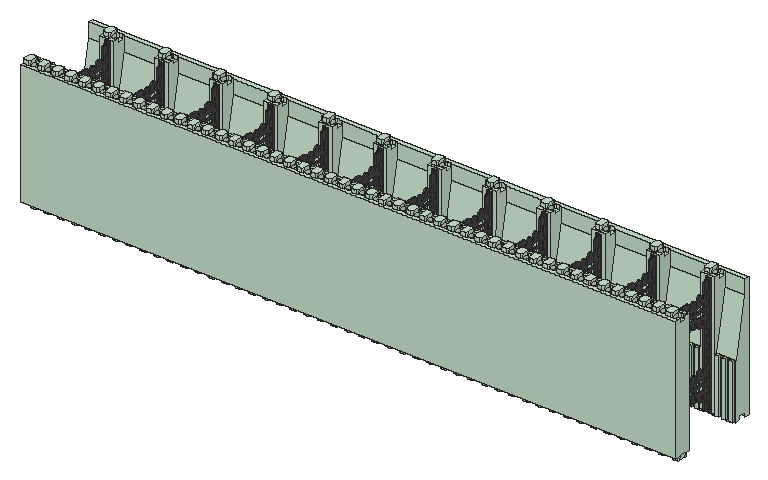
Revit family "ICF- NUDURA 8-inch- Single Sided Taper Top Form Unit- Imperial", category Generic Models, Revit 2011 (continued)
Definition of nested family "8-inch Insert Web"
  Forms (in)
    Extrusion 2, solid, material "High Density Polystyrene"
      sketch origin (0, 0, 0) x (0, 1, 0) y (0, 0, 1)
        loop
          arc (-1.75965, 4.19364) -> (-1.73036, 4.12293) -> (-1.65965, 4.09364) r 0.1
          line (-1.65965, 4.09364) -> (-0.4326, 4.09364)
          arc (-0.4326, 4.09364) -> (-0.19828, 4.32796) -> (-0.4326, 4.56228) r 0.23432
        loop
          arc (-3.26707, 4.94001) -> (-3.43178, 4.87178) -> (-3.5, 4.70708) r 0.23293
          line (-3.5, 4.70708) -> (-3.5, 4.24538)
          arc (-3.5, 4.24538) -> (-3.45556, 4.13808) -> (-3.34826, 4.09364) r 0.15174
          line (-3.34826, 4.09364) -> (-2.01208, 4.09364)
          arc (-2.01208, 4.09364) -> (-1.94141, 4.12295) -> (-1.91215, 4.19364) r 0.1
          line (-1.91215, 4.19364) -> (-1.91215, 4.5784)
          arc (-1.91215, 4.5784) -> (-1.93534, 4.64244) -> (-1.99415, 4.67677) r 0.1
          arc (-1.99415, 4.67677) -> (-2.63213, 4.80107) -> (-3.26707, 4.94001) r 28.25303
        loop
          arc (4.12543, 17.57204) -> (4.11414, 17.56103) -> (4.11, 17.54582) r 0.03
          line (4.11, 17.54582) -> (4.11, 17.42461)
          arc (4.11, 17.42461) -> (4.11625, 17.41008) -> (4.13111, 17.40464) r 0.02
          line (4.13111, 17.40464) -> (4.18889, 17.40785)
          arc (4.18889, 17.40785) -> (4.20374, 17.40241) -> (4.21, 17.38789) r 0.02
          line (4.21, 17.38789) -> (4.21, 17.63668)
          arc (4.21, 17.63668) -> (4.20585, 17.62147) -> (4.19457, 17.61045) r 0.03
          line (4.19457, 17.61045) -> (4.12543, 17.57204)
        loop
          arc (0.4326, 14.30833) -> (0.19828, 14.07401) -> (0.4326, 13.83969) r 0.23432
          line (0.4326, 13.83969) -> (1.65965, 13.83969)
          arc (1.65965, 13.83969) -> (1.73036, 13.86898) -> (1.75965, 13.93969) r 0.1
          line (1.75965, 13.93969) -> (1.75965, 14.2624)
          arc (1.75965, 14.2624) -> (1.72343, 14.33942) -> (1.641, 14.36065) r 0.1
          arc (1.641, 14.36065) -> (1.36148, 14.32119) -> (1.07948, 14.30833) r 2.98393
          line (1.07948, 14.30833) -> (0.4326, 14.30833)
        loop
          arc (3.26707, 14.68606) -> (2.63213, 14.54712) -> (1.99415, 14.42282) r 28.25303
          arc (1.99415, 14.42282) -> (1.93534, 14.38849) -> (1.91215, 14.32445) r 0.1
          line (1.91215, 14.32445) -> (1.91215, 13.93969)
          arc (1.91215, 13.93969) -> (1.94141, 13.869) -> (2.01208, 13.83969) r 0.1
          line (2.01208, 13.83969) -> (3.34826, 13.83969)
          arc (3.34826, 13.83969) -> (3.45556, 13.88413) -> (3.5, 13.99143) r 0.15174
          line (3.5, 13.99143) -> (3.5, 14.45313)
          arc (3.5, 14.45313) -> (3.43178, 14.61783) -> (3.26707, 14.68606) r 0.23293
        loop
          line (0.4326, 13.18355) -> (1.07948, 13.18355)
          arc (1.07948, 13.18355) -> (1.36148, 13.17069) -> (1.641, 13.13124) r 2.98393
          arc (1.641, 13.13124) -> (1.72343, 13.15246) -> (1.75965, 13.22948) r 0.1
          line (1.75965, 13.22948) -> (1.75965, 13.55219)
          arc (1.75965, 13.55219) -> (1.73036, 13.6229) -> (1.65965, 13.65219) r 0.1
          line (1.65965, 13.65219) -> (0.4326, 13.65219)
          arc (0.4326, 13.65219) -> (0.19828, 13.41787) -> (0.4326, 13.18355) r 0.23432
        loop
          arc (3.26707, 12.80583) -> (3.43178, 12.87405) -> (3.5, 13.03875) r 0.23293
          line (3.5, 13.03875) -> (3.5, 13.50045)
          arc (3.5, 13.50045) -> (3.45556, 13.60775) -> (3.34826, 13.65219) r 0.15174
          line (3.34826, 13.65219) -> (2.01208, 13.65219)
          arc (2.01208, 13.65219) -> (1.94141, 13.62288) -> (1.91215, 13.55219) r 0.1
          line (1.91215, 13.55219) -> (1.91215, 13.16743)
          arc (1.91215, 13.16743) -> (1.93534, 13.10339) -> (1.99415, 13.06906) r 0.1
          arc (1.99415, 13.06906) -> (2.63213, 12.94476) -> (3.26707, 12.80583) r 28.25303
        loop
          line (4.12543, 0.17379) -> (4.19457, 0.13538)
          arc (4.19457, 0.13538) -> (4.20585, 0.12437) -> (4.21, 0.10915) r 0.03
          line (4.21, 0.10915) -> (4.21, 0.35795)
          arc (4.21, 0.35795) -> (4.20374, 0.34342) -> (4.18889, 0.33798) r 0.02
          line (4.18889, 0.33798) -> (4.13111, 0.34119)
          arc (4.13111, 0.34119) -> (4.11625, 0.33575) -> (4.11, 0.32122) r 0.02
          line (4.11, 0.32122) -> (4.11, 0.20001)
          arc (4.11, 0.20001) -> (4.11414, 0.1848) -> (4.12543, 0.17379) r 0.03
        loop
          line (0.4326, 3.4375) -> (1.07948, 3.4375)
          arc (1.07948, 3.4375) -> (1.36148, 3.42464) -> (1.641, 3.38519) r 2.98393
          arc (1.641, 3.38519) -> (1.72343, 3.40641) -> (1.75965, 3.48343) r 0.1
          line (1.75965, 3.48343) -> (1.75965, 3.80614)
          arc (1.75965, 3.80614) -> (1.73036, 3.87685) -> (1.65965, 3.90614) r 0.1
          line (1.65965, 3.90614) -> (0.4326, 3.90614)
          arc (0.4326, 3.90614) -> (0.19828, 3.67182) -> (0.4326, 3.4375) r 0.23432
        loop
          arc (3.26707, 3.05978) -> (3.43178, 3.128) -> (3.5, 3.2927) r 0.23293
          line (3.5, 3.2927) -> (3.5, 3.7544)
          arc (3.5, 3.7544) -> (3.45556, 3.8617) -> (3.34826, 3.90614) r 0.15174
          line (3.34826, 3.90614) -> (2.01208, 3.90614)
          arc (2.01208, 3.90614) -> (1.94141, 3.87683) -> (1.91215, 3.80614) r 0.1
          line (1.91215, 3.80614) -> (1.91215, 3.42138)
          arc (1.91215, 3.42138) -> (1.93534, 3.35734) -> (1.99415, 3.32301) r 0.1
          arc (1.99415, 3.32301) -> (2.63213, 3.19871) -> (3.26707, 3.05978) r 28.25303
        loop
          arc (0.4326, 4.56228) -> (0.19828, 4.32796) -> (0.4326, 4.09364) r 0.23432
          line (0.4326, 4.09364) -> (1.65965, 4.09364)
          arc (1.65965, 4.09364) -> (1.73036, 4.12293) -> (1.75965, 4.19364) r 0.1
          line (1.75965, 4.19364) -> (1.75965, 4.51635)
          arc (1.75965, 4.51635) -> (1.72343, 4.59337) -> (1.641, 4.6146) r 0.1
          arc (1.641, 4.6146) -> (1.36148, 4.57514) -> (1.07948, 4.56228) r 2.98393
          line (1.07948, 4.56228) -> (0.4326, 4.56228)
        loop
          arc (3.26707, 4.94001) -> (2.63213, 4.80107) -> (1.99415, 4.67677) r 28.25303
          arc (1.99415, 4.67677) -> (1.93534, 4.64244) -> (1.91215, 4.5784) r 0.1
          line (1.91215, 4.5784) -> (1.91215, 4.19364)
          arc (1.91215, 4.19364) -> (1.94141, 4.12295) -> (2.01208, 4.09364) r 0.1
          line (2.01208, 4.09364) -> (3.34826, 4.09364)
          arc (3.34826, 4.09364) -> (3.45556, 4.13808) -> (3.5, 4.24538) r 0.15174
          line (3.5, 4.24538) -> (3.5, 4.70708)
          arc (3.5, 4.70708) -> (3.43178, 4.87178) -> (3.26707, 4.94001) r 0.23293
      from 0.125 to -0.125
    Extrusion 3, solid, material "High Density Polystyrene"
      sketch origin (0, 0, 0) x (0, 1, 0) y (0, 0, 1)
        loop
          line (4.21, 16.17792) -> (3.71, 16.17792) -> (3.71, 14.97792) -> (4.21, 14.97792) -> (4.21, 16.17792)
        loop
          line (4.21, 14.22792) -> (3.71, 14.22792) -> (3.71, 13.02792) -> (4.21, 13.02792) -> (4.21, 14.22792)
        loop
          line (4.21, 12.27792) -> (3.71, 12.27792) -> (3.71, 11.07792) -> (4.21, 11.07792) -> (4.21, 12.27792)
        loop
          line (4.21, 10.32792) -> (3.71, 10.32792) -> (3.71, 9.24792) -> (4.21, 9.24792) -> (4.21, 10.32792)
        loop
          line (4.21, 8.49792) -> (3.71, 8.49792) -> (3.71, 7.41792) -> (4.21, 7.41792) -> (4.21, 8.49792)
        loop
          line (4.21, 6.66792) -> (3.71, 6.66792) -> (3.71, 5.46792) -> (4.21, 5.46792) -> (4.21, 6.66792)
        loop
          line (4.21, 4.71792) -> (3.71, 4.71792) -> (3.71, 3.51792) -> (4.21, 3.51792) -> (4.21, 4.71792)
        loop
          line (4.21, 2.76792) -> (3.71, 2.76792) -> (3.71, 1.56792) -> (4.21, 1.56792) -> (4.21, 2.76792)
        loop
          line (-4.21, 16.17792) -> (-4.21, 14.97792) -> (-3.71, 14.97792) -> (-3.71, 16.17792) -> (-4.21, 16.17792)
        loop
          line (-4.21, 14.22792) -> (-4.21, 13.02792) -> (-3.71, 13.02792) -> (-3.71, 14.22792) -> (-4.21, 14.22792)
        loop
          line (-4.21, 12.27792) -> (-4.21, 11.07792) -> (-3.71, 11.07792) -> (-3.71, 12.27792) -> (-4.21, 12.27792)
        loop
          line (-4.21, 10.32792) -> (-4.21, 9.24792) -> (-3.71, 9.24792) -> (-3.71, 10.32792) -> (-4.21, 10.32792)
        loop
          line (-4.21, 8.49792) -> (-4.21, 7.41792) -> (-3.71, 7.41792) -> (-3.71, 8.49792) -> (-4.21, 8.49792)
        loop
          line (-4.21, 6.66792) -> (-4.21, 5.46792) -> (-3.71, 5.46792) -> (-3.71, 6.66792) -> (-4.21, 6.66792)
        loop
          line (-4.21, 4.71792) -> (-4.21, 3.51792) -> (-3.71, 3.51792) -> (-3.71, 4.71792) -> (-4.21, 4.71792)
        loop
          line (-4.21, 2.76792) -> (-4.21, 1.56792) -> (-3.71, 1.56792) -> (-3.71, 2.76792) -> (-4.21, 2.76792)
      from 0.25 to -0.25
    Extrusion 4, void
      sketch origin (0, 1, 0) x (1, 0, 0) y (0, 1, 0)
        loop
          line (-0.25, 2.79249) -> (-0.25, 2.71) -> (-0.1675, 2.71)
          arc (-0.1675, 2.71) -> (-0.22584, 2.73416) -> (-0.25, 2.79249) r 0.0825
      from 0 to 18
    Extrusion 5, void
      sketch origin (0, 1, 0) x (-1, 0, 0) y (0, -1, 0)
        loop
          arc (-0.25, -2.79249) -> (-0.22584, -2.73416) -> (-0.1675, -2.71) r 0.0825
          line (-0.1675, -2.71) -> (-0.25, -2.71) -> (-0.25, -2.79249)
      from 0 to 18
    Extrusion 6, void
      sketch origin (0, -1, 0) x (1, 0, 0) y (0, 1, 0)
        loop
          arc (-0.25, -2.79249) -> (-0.22584, -2.73416) -> (-0.1675, -2.71) r 0.0825
          line (-0.1675, -2.71) -> (-0.25, -2.71) -> (-0.25, -2.79249)
      from 0 to 18
    Extrusion 7, void
      sketch origin (0, -1, 0) x (-1, 0, 0) y (0, -1, 0)
        loop
          line (-0.25, 2.79249) -> (-0.25, 2.71) -> (-0.1675, 2.71)
          arc (-0.1675, 2.71) -> (-0.22584, 2.73416) -> (-0.25, 2.79249) r 0.0825
      from 0 to 18
  Cuts and joins
    Extrusion 4, Extrusion 5, Extrusion 6, Extrusion 7 cuts Extrusion 1
    Extrusion 4, Extrusion 5, Extrusion 6, Extrusion 7 cuts Extrusion 3
Definition of nested family "NUDURA Diamond Pattern"
  Reference planes (in)
    plane 1 "Center (Front/Back)": y = 0
    plane 2: z = 0
    plane 3 "Center (Left/Right)": x = 0
    plane 4: z = 18
  Lines and regions (in)
    model lines
      curve 1: line (8, -5.625, 18) -> (8, -5.625, 0)
      curve 2: line (6, -5.625, 18) -> (6, -5.625, 0)
      curve 3: line (2, -5.625, 18) -> (2, -5.625, 0)
      curve 4: line (3.35367, -5.625, 16.98484) -> (3.69709, -5.625, 16.64142)
      curve 5: arc (3.35367, -5.625, 17.51517) -> (3.24384, -5.625, 17.25) -> (3.35367, -5.625, 16.98484) r 0.375
      curve 6: line (3.72867, -5.625, 17.89017) -> (3.35367, -5.625, 17.51517)
      curve 7: arc (4.259, -5.625, 17.89017) -> (3.99384, -5.625, 18) -> (3.72867, -5.625, 17.89017) r 0.375
      curve 8: line (4.634, -5.625, 17.51517) -> (4.259, -5.625, 17.89017)
      curve 9: arc (4.634, -5.625, 16.98484) -> (4.74384, -5.625, 17.25) -> (4.634, -5.625, 17.51517) r 0.375
      curve 10: line (4.29059, -5.625, 16.64142) -> (4.634, -5.625, 16.98484)
      curve 11: arc (4.17062, -5.625, 17.80178) -> (3.99384, -5.625, 17.875) -> (3.81706, -5.625, 17.80178) r 0.25
      curve 12: line (4.54562, -5.625, 17.42678) -> (4.17062, -5.625, 17.80178)
      curve 13: arc (4.54562, -5.625, 17.07322) -> (4.61884, -5.625, 17.25) -> (4.54562, -5.625, 17.42678) r 0.25
      curve 14: line (4.17062, -5.625, 16.69822) -> (4.54562, -5.625, 17.07322)
      curve 15: arc (3.81706, -5.625, 16.69822) -> (3.99384, -5.625, 16.625) -> (4.17062, -5.625, 16.69822) r 0.25
      curve 16: line (3.44206, -5.625, 17.07322) -> (3.81706, -5.625, 16.69822)
      curve 17: arc (3.44206, -5.625, 17.42678) -> (3.36884, -5.625, 17.25) -> (3.44206, -5.625, 17.07322) r 0.25
      curve 18: line (3.81706, -5.625, 17.80178) -> (3.44206, -5.625, 17.42678)
      curve 19: arc (3.69709, -5.625, 16.35858) -> (3.75567, -5.625, 16.5) -> (3.69709, -5.625, 16.64142) r 0.2
      curve 20: line (4.634, -5.625, 16.01517) -> (4.29059, -5.625, 16.35858)
      curve 21: arc (4.634, -5.625, 15.48484) -> (4.74384, -5.625, 15.75) -> (4.634, -5.625, 16.01517) r 0.375
      curve 22: line (4.29059, -5.625, 15.14142) -> (4.634, -5.625, 15.48484)
      curve 23: line (3.35367, -5.625, 15.48484) -> (3.69709, -5.625, 15.14142)
      curve 24: arc (3.35367, -5.625, 16.01517) -> (3.24384, -5.625, 15.75) -> (3.35367, -5.625, 15.48484) r 0.375
      curve 25: line (3.69709, -5.625, 16.35858) -> (3.35367, -5.625, 16.01517)
      curve 26: arc (4.17062, -5.625, 16.30178) -> (3.99384, -5.625, 16.375) -> (3.81706, -5.625, 16.30178) r 0.25
      curve 27: line (3.81706, -5.625, 16.30178) -> (3.44206, -5.625, 15.92678)
      curve 28: arc (3.44206, -5.625, 15.92678) -> (3.36884, -5.625, 15.75) -> (3.44206, -5.625, 15.57322) r 0.25
      curve 29: line (3.44206, -5.625, 15.57322) -> (3.81706, -5.625, 15.19822)
      curve 30: arc (3.81706, -5.625, 15.19822) -> (3.99384, -5.625, 15.125) -> (4.17062, -5.625, 15.19822) r 0.25
      curve 31: line (4.17062, -5.625, 15.19822) -> (4.54562, -5.625, 15.57322)
      curve 32: arc (4.54562, -5.625, 15.57322) -> (4.61884, -5.625, 15.75) -> (4.54562, -5.625, 15.92678) r 0.25
      curve 33: line (4.54562, -5.625, 15.92678) -> (4.17062, -5.625, 16.30178)
      curve 34: arc (3.69709, -5.625, 14.85858) -> (3.75567, -5.625, 15) -> (3.69709, -5.625, 15.14142) r 0.2
      curve 35: line (4.634, -5.625, 14.51517) -> (4.29059, -5.625, 14.85858)
      curve 36: arc (4.634, -5.625, 13.98484) -> (4.74384, -5.625, 14.25) -> (4.634, -5.625, 14.51517) r 0.375
      curve 37: line (4.29059, -5.625, 13.64142) -> (4.634, -5.625, 13.98484)
      curve 38: line (3.35367, -5.625, 13.98484) -> (3.69709, -5.625, 13.64142)
      curve 39: arc (3.35367, -5.625, 14.51517) -> (3.24384, -5.625, 14.25) -> (3.35367, -5.625, 13.98484) r 0.375
      curve 40: line (3.69709, -5.625, 14.85858) -> (3.35367, -5.625, 14.51517)
      curve 41: arc (4.17062, -5.625, 14.80178) -> (3.99384, -5.625, 14.875) -> (3.81706, -5.625, 14.80178) r 0.25
      curve 42: line (3.81706, -5.625, 14.80178) -> (3.44206, -5.625, 14.42678)
      curve 43: arc (3.44206, -5.625, 14.42678) -> (3.36884, -5.625, 14.25) -> (3.44206, -5.625, 14.07322) r 0.25
      curve 44: line (3.44206, -5.625, 14.07322) -> (3.81706, -5.625, 13.69822)
      curve 45: arc (3.81706, -5.625, 13.69822) -> (3.99384, -5.625, 13.625) -> (4.17062, -5.625, 13.69822) r 0.25
      curve 46: line (4.17062, -5.625, 13.69822) -> (4.54562, -5.625, 14.07322)
      curve 47: arc (4.54562, -5.625, 14.07322) -> (4.61884, -5.625, 14.25) -> (4.54562, -5.625, 14.42678) r 0.25
      curve 48: line (4.54562, -5.625, 14.42678) -> (4.17062, -5.625, 14.80178)
      curve 49: arc (3.69709, -5.625, 13.35858) -> (3.75567, -5.625, 13.5) -> (3.69709, -5.625, 13.64142) r 0.2
      curve 50: line (4.634, -5.625, 13.01517) -> (4.29059, -5.625, 13.35858)
      curve 51: arc (4.634, -5.625, 12.48484) -> (4.74384, -5.625, 12.75) -> (4.634, -5.625, 13.01517) r 0.375
      curve 52: line (4.29059, -5.625, 12.14142) -> (4.634, -5.625, 12.48484)
      curve 53: line (3.35367, -5.625, 12.48484) -> (3.69709, -5.625, 12.14142)
      curve 54: arc (3.35367, -5.625, 13.01517) -> (3.24384, -5.625, 12.75) -> (3.35367, -5.625, 12.48484) r 0.375
      curve 55: line (3.69709, -5.625, 13.35858) -> (3.35367, -5.625, 13.01517)
      curve 56: arc (4.17062, -5.625, 13.30178) -> (3.99384, -5.625, 13.375) -> (3.81706, -5.625, 13.30178) r 0.25
      curve 57: line (3.81706, -5.625, 13.30178) -> (3.44206, -5.625, 12.92678)
      curve 58: arc (3.44206, -5.625, 12.92678) -> (3.36884, -5.625, 12.75) -> (3.44206, -5.625, 12.57322) r 0.25
      curve 59: line (3.44206, -5.625, 12.57322) -> (3.81706, -5.625, 12.19822)
      curve 60: arc (3.81706, -5.625, 12.19822) -> (3.99384, -5.625, 12.125) -> (4.17062, -5.625, 12.19822) r 0.25
      curve 61: line (4.17062, -5.625, 12.19822) -> (4.54562, -5.625, 12.57322)
      curve 62: arc (4.54562, -5.625, 12.57322) -> (4.61884, -5.625, 12.75) -> (4.54562, -5.625, 12.92678) r 0.25
      curve 63: line (4.54562, -5.625, 12.92678) -> (4.17062, -5.625, 13.30178)
      curve 64: arc (3.69709, -5.625, 11.85858) -> (3.75567, -5.625, 12) -> (3.69709, -5.625, 12.14142) r 0.2
      curve 65: line (4.634, -5.625, 11.51517) -> (4.29059, -5.625, 11.85858)
      curve 66: arc (4.634, -5.625, 10.98484) -> (4.74384, -5.625, 11.25) -> (4.634, -5.625, 11.51517) r 0.375
      curve 67: line (4.29059, -5.625, 10.64142) -> (4.634, -5.625, 10.98484)
      curve 68: line (3.35367, -5.625, 10.98484) -> (3.69709, -5.625, 10.64142)
      curve 69: arc (3.35367, -5.625, 11.51517) -> (3.24384, -5.625, 11.25) -> (3.35367, -5.625, 10.98484) r 0.375
      curve 70: line (3.69709, -5.625, 11.85858) -> (3.35367, -5.625, 11.51517)
      curve 71: arc (4.17062, -5.625, 11.80178) -> (3.99384, -5.625, 11.875) -> (3.81706, -5.625, 11.80178) r 0.25
      curve 72: line (3.81706, -5.625, 11.80178) -> (3.44206, -5.625, 11.42678)
      curve 73: arc (3.44206, -5.625, 11.42678) -> (3.36884, -5.625, 11.25) -> (3.44206, -5.625, 11.07322) r 0.25
      curve 74: line (3.44206, -5.625, 11.07322) -> (3.81706, -5.625, 10.69822)
      curve 75: arc (3.81706, -5.625, 10.69822) -> (3.99384, -5.625, 10.625) -> (4.17062, -5.625, 10.69822) r 0.25
      curve 76: line (4.17062, -5.625, 10.69822) -> (4.54562, -5.625, 11.07322)
      curve 77: arc (4.54562, -5.625, 11.07322) -> (4.61884, -5.625, 11.25) -> (4.54562, -5.625, 11.42678) r 0.25
      curve 78: line (4.54562, -5.625, 11.42678) -> (4.17062, -5.625, 11.80178)
      curve 79: arc (3.69709, -5.625, 10.35858) -> (3.75567, -5.625, 10.5) -> (3.69709, -5.625, 10.64142) r 0.2
      curve 80: line (4.634, -5.625, 10.01517) -> (4.29059, -5.625, 10.35858)
      curve 81: arc (4.634, -5.625, 9.48484) -> (4.74384, -5.625, 9.75) -> (4.634, -5.625, 10.01517) r 0.375
      curve 82: line (4.29059, -5.625, 9.14142) -> (4.634, -5.625, 9.48484)
      curve 83: line (3.35367, -5.625, 9.48484) -> (3.69709, -5.625, 9.14142)
      curve 84: arc (3.35367, -5.625, 10.01517) -> (3.24384, -5.625, 9.75) -> (3.35367, -5.625, 9.48484) r 0.375
      curve 85: line (3.69709, -5.625, 10.35858) -> (3.35367, -5.625, 10.01517)
      curve 86: arc (4.17062, -5.625, 10.30178) -> (3.99384, -5.625, 10.375) -> (3.81706, -5.625, 10.30178) r 0.25
      curve 87: line (3.81706, -5.625, 10.30178) -> (3.44206, -5.625, 9.92678)
      curve 88: arc (3.44206, -5.625, 9.92678) -> (3.36884, -5.625, 9.75) -> (3.44206, -5.625, 9.57322) r 0.25
      curve 89: line (3.44206, -5.625, 9.57322) -> (3.81706, -5.625, 9.19822)
      curve 90: arc (3.81706, -5.625, 9.19822) -> (3.99384, -5.625, 9.125) -> (4.17062, -5.625, 9.19822) r 0.25
      curve 91: line (4.17062, -5.625, 9.19822) -> (4.54562, -5.625, 9.57322)
      curve 92: arc (4.54562, -5.625, 9.57322) -> (4.61884, -5.625, 9.75) -> (4.54562, -5.625, 9.92678) r 0.25
      curve 93: line (4.54562, -5.625, 9.92678) -> (4.17062, -5.625, 10.30178)
      curve 94: arc (3.69709, -5.625, 8.85858) -> (3.75567, -5.625, 9) -> (3.69709, -5.625, 9.14142) r 0.2
      curve 95: line (4.634, -5.625, 8.51517) -> (4.29059, -5.625, 8.85858)
      curve 96: arc (4.634, -5.625, 7.98484) -> (4.74384, -5.625, 8.25) -> (4.634, -5.625, 8.51517) r 0.375
      curve 97: line (4.29059, -5.625, 7.64142) -> (4.634, -5.625, 7.98484)
      curve 98: line (3.35367, -5.625, 7.98484) -> (3.69709, -5.625, 7.64142)
      curve 99: arc (3.35367, -5.625, 8.51517) -> (3.24384, -5.625, 8.25) -> (3.35367, -5.625, 7.98484) r 0.375
      curve 100: line (3.69709, -5.625, 8.85858) -> (3.35367, -5.625, 8.51517)
      curve 101: arc (4.17062, -5.625, 8.80178) -> (3.99384, -5.625, 8.875) -> (3.81706, -5.625, 8.80178) r 0.25
      curve 102: line (3.81706, -5.625, 8.80178) -> (3.44206, -5.625, 8.42678)
      curve 103: arc (3.44206, -5.625, 8.42678) -> (3.36884, -5.625, 8.25) -> (3.44206, -5.625, 8.07322) r 0.25
      curve 104: line (3.44206, -5.625, 8.07322) -> (3.81706, -5.625, 7.69822)
      curve 105: arc (3.81706, -5.625, 7.69822) -> (3.99384, -5.625, 7.625) -> (4.17062, -5.625, 7.69822) r 0.25
      curve 106: line (4.17062, -5.625, 7.69822) -> (4.54562, -5.625, 8.07322)
      curve 107: arc (4.54562, -5.625, 8.07322) -> (4.61884, -5.625, 8.25) -> (4.54562, -5.625, 8.42678) r 0.25
      curve 108: line (4.54562, -5.625, 8.42678) -> (4.17062, -5.625, 8.80178)
      curve 109: arc (3.69709, -5.625, 7.35858) -> (3.75567, -5.625, 7.5) -> (3.69709, -5.625, 7.64142) r 0.2
      curve 110: line (4.634, -5.625, 7.01517) -> (4.29059, -5.625, 7.35858)
      curve 111: arc (4.634, -5.625, 6.48484) -> (4.74384, -5.625, 6.75) -> (4.634, -5.625, 7.01517) r 0.375
      curve 112: line (4.29059, -5.625, 6.14142) -> (4.634, -5.625, 6.48484)
      curve 113: line (3.35367, -5.625, 6.48484) -> (3.69709, -5.625, 6.14142)
      curve 114: arc (3.35367, -5.625, 7.01517) -> (3.24384, -5.625, 6.75) -> (3.35367, -5.625, 6.48484) r 0.375
      curve 115: line (3.69709, -5.625, 7.35858) -> (3.35367, -5.625, 7.01517)
      curve 116: arc (4.17062, -5.625, 7.30178) -> (3.99384, -5.625, 7.375) -> (3.81706, -5.625, 7.30178) r 0.25
      curve 117: line (3.81706, -5.625, 7.30178) -> (3.44206, -5.625, 6.92678)
      curve 118: arc (3.44206, -5.625, 6.92678) -> (3.36884, -5.625, 6.75) -> (3.44206, -5.625, 6.57322) r 0.25
      curve 119: line (3.44206, -5.625, 6.57322) -> (3.81706, -5.625, 6.19822)
      curve 120: arc (3.81706, -5.625, 6.19822) -> (3.99384, -5.625, 6.125) -> (4.17062, -5.625, 6.19822) r 0.25
      curve 121: line (4.17062, -5.625, 6.19822) -> (4.54562, -5.625, 6.57322)
      curve 122: arc (4.54562, -5.625, 6.57322) -> (4.61884, -5.625, 6.75) -> (4.54562, -5.625, 6.92678) r 0.25
      curve 123: line (4.54562, -5.625, 6.92678) -> (4.17062, -5.625, 7.30178)
      curve 124: arc (3.69709, -5.625, 5.85858) -> (3.75567, -5.625, 6) -> (3.69709, -5.625, 6.14142) r 0.2
      curve 125: line (4.634, -5.625, 5.51517) -> (4.29059, -5.625, 5.85858)
      curve 126: arc (4.634, -5.625, 4.98484) -> (4.74384, -5.625, 5.25) -> (4.634, -5.625, 5.51517) r 0.375
      curve 127: line (4.29059, -5.625, 4.64142) -> (4.634, -5.625, 4.98484)
      curve 128: line (3.35367, -5.625, 4.98484) -> (3.69709, -5.625, 4.64142)
      curve 129: arc (3.35367, -5.625, 5.51517) -> (3.24384, -5.625, 5.25) -> (3.35367, -5.625, 4.98484) r 0.375
      curve 130: line (3.69709, -5.625, 5.85858) -> (3.35367, -5.625, 5.51517)
      curve 131: arc (4.17062, -5.625, 5.80178) -> (3.99384, -5.625, 5.875) -> (3.81706, -5.625, 5.80178) r 0.25
      curve 132: line (3.81706, -5.625, 5.80178) -> (3.44206, -5.625, 5.42678)
      curve 133: arc (3.44206, -5.625, 5.42678) -> (3.36884, -5.625, 5.25) -> (3.44206, -5.625, 5.07322) r 0.25
      curve 134: line (3.44206, -5.625, 5.07322) -> (3.81706, -5.625, 4.69822)
      curve 135: arc (3.81706, -5.625, 4.69822) -> (3.99384, -5.625, 4.625) -> (4.17062, -5.625, 4.69822) r 0.25
      curve 136: line (4.17062, -5.625, 4.69822) -> (4.54562, -5.625, 5.07322)
      curve 137: arc (4.54562, -5.625, 5.07322) -> (4.61884, -5.625, 5.25) -> (4.54562, -5.625, 5.42678) r 0.25
      curve 138: line (4.54562, -5.625, 5.42678) -> (4.17062, -5.625, 5.80178)
      curve 139: arc (3.69709, -5.625, 4.35858) -> (3.75567, -5.625, 4.5) -> (3.69709, -5.625, 4.64142) r 0.2
      curve 140: line (4.634, -5.625, 4.01517) -> (4.29059, -5.625, 4.35858)
      curve 141: arc (4.634, -5.625, 3.48484) -> (4.74384, -5.625, 3.75) -> (4.634, -5.625, 4.01517) r 0.375
      curve 142: line (4.29059, -5.625, 3.14142) -> (4.634, -5.625, 3.48484)
      curve 143: line (3.35367, -5.625, 3.48484) -> (3.69709, -5.625, 3.14142)
      curve 144: arc (3.35367, -5.625, 4.01517) -> (3.24384, -5.625, 3.75) -> (3.35367, -5.625, 3.48484) r 0.375
      curve 145: line (3.69709, -5.625, 4.35858) -> (3.35367, -5.625, 4.01517)
      curve 146: arc (4.17062, -5.625, 4.30178) -> (3.99384, -5.625, 4.375) -> (3.81706, -5.625, 4.30178) r 0.25
      curve 147: line (3.81706, -5.625, 4.30178) -> (3.44206, -5.625, 3.92678)
      curve 148: arc (3.44206, -5.625, 3.92678) -> (3.36884, -5.625, 3.75) -> (3.44206, -5.625, 3.57322) r 0.25
      curve 149: line (3.44206, -5.625, 3.57322) -> (3.81706, -5.625, 3.19822)
      curve 150: arc (3.81706, -5.625, 3.19822) -> (3.99384, -5.625, 3.125) -> (4.17062, -5.625, 3.19822) r 0.25
      curve 151: line (4.17062, -5.625, 3.19822) -> (4.54562, -5.625, 3.57322)
      curve 152: arc (4.54562, -5.625, 3.57322) -> (4.61884, -5.625, 3.75) -> (4.54562, -5.625, 3.92678) r 0.25
      curve 153: line (4.54562, -5.625, 3.92678) -> (4.17062, -5.625, 4.30178)
      curve 154: arc (3.69709, -5.625, 2.85858) -> (3.75567, -5.625, 3) -> (3.69709, -5.625, 3.14142) r 0.2
      curve 155: line (4.634, -5.625, 2.51517) -> (4.29059, -5.625, 2.85858)
      curve 156: arc (4.634, -5.625, 1.98484) -> (4.74384, -5.625, 2.25) -> (4.634, -5.625, 2.51517) r 0.375
      curve 157: line (4.29059, -5.625, 1.64142) -> (4.634, -5.625, 1.98484)
      curve 158: line (3.35367, -5.625, 1.98484) -> (3.69709, -5.625, 1.64142)
      curve 159: arc (3.35367, -5.625, 2.51517) -> (3.24384, -5.625, 2.25) -> (3.35367, -5.625, 1.98484) r 0.375
      curve 160: line (3.69709, -5.625, 2.85858) -> (3.35367, -5.625, 2.51517)
      curve 161: arc (4.17062, -5.625, 2.80178) -> (3.99384, -5.625, 2.875) -> (3.81706, -5.625, 2.80178) r 0.25
      curve 162: line (3.81706, -5.625, 2.80178) -> (3.44206, -5.625, 2.42678)
      curve 163: arc (3.44206, -5.625, 2.42678) -> (3.36884, -5.625, 2.25) -> (3.44206, -5.625, 2.07322) r 0.25
      curve 164: line (3.44206, -5.625, 2.07322) -> (3.81706, -5.625, 1.69822)
      curve 165: arc (3.81706, -5.625, 1.69822) -> (3.99384, -5.625, 1.625) -> (4.17062, -5.625, 1.69822) r 0.25
      curve 166: line (4.17062, -5.625, 1.69822) -> (4.54562, -5.625, 2.07322)
      curve 167: arc (4.54562, -5.625, 2.07322) -> (4.61884, -5.625, 2.25) -> (4.54562, -5.625, 2.42678) r 0.25
      curve 168: line (4.54562, -5.625, 2.42678) -> (4.17062, -5.625, 2.80178)
      curve 169: arc (3.69709, -5.625, 1.35858) -> (3.75567, -5.625, 1.5) -> (3.69709, -5.625, 1.64142) r 0.2
      curve 170: line (3.69709, -5.625, 1.35858) -> (3.35367, -5.625, 1.01517)
      curve 171: arc (3.35367, -5.625, 1.01517) -> (3.24384, -5.625, 0.75) -> (3.35367, -5.625, 0.48484) r 0.375
      curve 172: line (3.35367, -5.625, 0.48484) -> (3.72867, -5.625, 0.10984)
      curve 173: arc (3.72867, -5.625, 0.10984) -> (3.99384, -5.625, 0) -> (4.259, -5.625, 0.10984) r 0.375
      curve 174: line (4.259, -5.625, 0.10984) -> (4.634, -5.625, 0.48484)
      curve 175: arc (4.634, -5.625, 0.48484) -> (4.74384, -5.625, 0.75) -> (4.634, -5.625, 1.01517) r 0.375
      curve 176: line (4.634, -5.625, 1.01517) -> (4.29059, -5.625, 1.35858)
      curve 177: arc (4.29059, -5.625, 1.64142) -> (4.23201, -5.625, 1.5) -> (4.29059, -5.625, 1.35858) r 0.2
      curve 178: arc (4.17062, -5.625, 1.30178) -> (3.99384, -5.625, 1.375) -> (3.81706, -5.625, 1.30178) r 0.25
      curve 179: line (4.54562, -5.625, 0.92678) -> (4.17062, -5.625, 1.30178)
      curve 180: arc (4.54562, -5.625, 0.57322) -> (4.61884, -5.625, 0.75) -> (4.54562, -5.625, 0.92678) r 0.25
      curve 181: line (4.17062, -5.625, 0.19822) -> (4.54562, -5.625, 0.57322)
      curve 182: arc (3.81706, -5.625, 0.19822) -> (3.99384, -5.625, 0.125) -> (4.17062, -5.625, 0.19822) r 0.25
      curve 183: line (3.44206, -5.625, 0.57322) -> (3.81706, -5.625, 0.19822)
      curve 184: arc (3.44206, -5.625, 0.92678) -> (3.36884, -5.625, 0.75) -> (3.44206, -5.625, 0.57322) r 0.25
      curve 185: line (3.81706, -5.625, 1.30178) -> (3.44206, -5.625, 0.92678)
      curve 186: arc (4.29059, -5.625, 3.14142) -> (4.23201, -5.625, 3) -> (4.29059, -5.625, 2.85858) r 0.2
      curve 187: arc (4.29059, -5.625, 4.64142) -> (4.23201, -5.625, 4.5) -> (4.29059, -5.625, 4.35858) r 0.2
      curve 188: arc (4.29059, -5.625, 6.14142) -> (4.23201, -5.625, 6) -> (4.29059, -5.625, 5.85858) r 0.2
      curve 189: arc (4.29059, -5.625, 7.64142) -> (4.23201, -5.625, 7.5) -> (4.29059, -5.625, 7.35858) r 0.2
      curve 190: arc (4.29059, -5.625, 9.14142) -> (4.23201, -5.625, 9) -> (4.29059, -5.625, 8.85858) r 0.2
      curve 191: arc (4.29059, -5.625, 10.64142) -> (4.23201, -5.625, 10.5) -> (4.29059, -5.625, 10.35858) r 0.2
      curve 192: arc (4.29059, -5.625, 12.14142) -> (4.23201, -5.625, 12) -> (4.29059, -5.625, 11.85858) r 0.2
      curve 193: arc (4.29059, -5.625, 13.64142) -> (4.23201, -5.625, 13.5) -> (4.29059, -5.625, 13.35858) r 0.2
      curve 194: arc (4.29059, -5.625, 15.14142) -> (4.23201, -5.625, 15) -> (4.29059, -5.625, 14.85858) r 0.2
      curve 195: arc (4.29059, -5.625, 16.64142) -> (4.23201, -5.625, 16.5) -> (4.29059, -5.625, 16.35858) r 0.2
Definition of nested family "NUDURA Logo Diamond"
  Reference planes (in)
    plane 1 "Center (Front/Back)": y = 0
    plane 2: z = 0
    plane 3 "Center (Left/Right)": x = 0
  Lines and regions (in)
    model lines
      curve 1: line (12.59848, 0, 17.50104) -> (12.24492, 0, 17.85459)
      curve 2: line (12.36113, 0, 16.76872) -> (12.59848, 0, 17.00607)
      curve 3: line (12.59848, 0, 16.00104) -> (12.36113, 0, 16.23839)
      curve 4: line (12.36113, 0, 15.26872) -> (12.59848, 0, 15.50607)
      curve 5: line (12.59848, 0, 14.50104) -> (12.36113, 0, 14.73839)
      curve 6: line (12.36113, 0, 13.76872) -> (12.59848, 0, 14.00607)
      curve 7: line (12.17421, 0, 13.28388) -> (12.71208, 0, 12.74602)
      curve 8: line (12.71208, 0, 12.74602) -> (12.78279, 0, 12.81673)
      curve 9: line (11.28279, 0, 12.74602) -> (11.82066, 0, 13.28388)
      curve 10: line (11.63374, 0, 13.23839) -> (11.21208, 0, 12.81673)
      curve 11: line (11.3964, 0, 14.00607) -> (11.63374, 0, 13.76872)
      curve 12: line (11.63374, 0, 14.73839) -> (11.3964, 0, 14.50104)
      curve 13: line (11.3964, 0, 15.50607) -> (11.63374, 0, 15.26872)
      curve 14: line (11.63374, 0, 16.23839) -> (11.3964, 0, 16.00104)
      curve 15: line (11.3964, 0, 17.00607) -> (11.63374, 0, 16.76872)
      curve 16: line (11.74995, 0, 17.85459) -> (11.3964, 0, 17.50104)
      curve 17: line (11.82066, 0, 17.78388) -> (11.46711, 0, 17.43033)
      curve 18: line (12.52777, 0, 17.43033) -> (12.17421, 0, 17.78388)
      curve 19: line (12.17421, 0, 16.72322) -> (12.52777, 0, 17.07678)
      curve 20: line (11.46711, 0, 17.07678) -> (11.82066, 0, 16.72322)
      curve 21: arc (11.3964, 0, 17.50104) -> (11.29388, 0, 17.25355) -> (11.3964, 0, 17.00607) r 0.35
      curve 22: arc (11.74995, 0, 17.85459) -> (11.99744, 0, 17.95711) -> (12.24492, 0, 17.85459) r 0.35
      curve 23: arc (11.46711, 0, 17.43033) -> (11.39388, 0, 17.25355) -> (11.46711, 0, 17.07678) r 0.25
      curve 24: arc (12.52777, 0, 17.43033) -> (12.60099, 0, 17.25355) -> (12.52777, 0, 17.07678) r 0.25
      curve 25: arc (12.17421, 0, 16.72322) -> (11.99744, 0, 16.65) -> (11.82066, 0, 16.72322) r 0.25
      curve 26: arc (11.82066, 0, 17.78388) -> (11.99744, 0, 17.85711) -> (12.17421, 0, 17.78388) r 0.25
      curve 27: arc (12.59848, 0, 17.50104) -> (12.70099, 0, 17.25355) -> (12.59848, 0, 17.00607) r 0.35
      curve 28: arc (11.63374, 0, 16.76872) -> (11.74358, 0, 16.50355) -> (11.63374, 0, 16.23839) r 0.375
      curve 29: arc (12.36113, 0, 16.76872) -> (12.2513, 0, 16.50355) -> (12.36113, 0, 16.23839) r 0.375
      curve 30: line (12.36113, 0, 15.26872) -> (12.59848, 0, 15.50607)
      curve 31: line (11.3964, 0, 15.50607) -> (11.63374, 0, 15.26872)
      curve 32: line (11.82066, 0, 16.28388) -> (11.46711, 0, 15.93033)
      curve 33: line (12.52777, 0, 15.93033) -> (12.17421, 0, 16.28388)
      curve 34: line (12.17421, 0, 15.22322) -> (12.52777, 0, 15.57678)
      curve 35: line (11.46711, 0, 15.57678) -> (11.82066, 0, 15.22322)
      curve 36: arc (11.3964, 0, 16.00104) -> (11.29388, 0, 15.75355) -> (11.3964, 0, 15.50607) r 0.35
      curve 37: arc (11.46711, 0, 15.93033) -> (11.39388, 0, 15.75355) -> (11.46711, 0, 15.57678) r 0.25
      curve 38: arc (12.52777, 0, 15.93033) -> (12.60099, 0, 15.75355) -> (12.52777, 0, 15.57678) r 0.25
      curve 39: arc (12.17421, 0, 15.22322) -> (11.99744, 0, 15.15) -> (11.82066, 0, 15.22322) r 0.25
      curve 40: arc (11.82066, 0, 16.28388) -> (11.99744, 0, 16.35711) -> (12.17421, 0, 16.28388) r 0.25
      curve 41: arc (12.59848, 0, 16.00104) -> (12.70099, 0, 15.75355) -> (12.59848, 0, 15.50607) r 0.35
      curve 42: line (11.63374, 0, 16.23839) -> (11.3964, 0, 16.00104)
      curve 43: line (12.59848, 0, 16.00104) -> (12.36113, 0, 16.23839)
      curve 44: arc (11.63374, 0, 15.26872) -> (11.74358, 0, 15.00355) -> (11.63374, 0, 14.73839) r 0.375
      curve 45: arc (12.36113, 0, 15.26872) -> (12.2513, 0, 15.00355) -> (12.36113, 0, 14.73839) r 0.375
      curve 46: line (12.36113, 0, 13.76872) -> (12.59848, 0, 14.00607)
      curve 47: line (11.3964, 0, 14.00607) -> (11.63374, 0, 13.76872)
      curve 48: line (11.82066, 0, 14.78388) -> (11.46711, 0, 14.43033)
      curve 49: line (12.52777, 0, 14.43033) -> (12.17421, 0, 14.78388)
      curve 50: line (12.17421, 0, 13.72322) -> (12.52777, 0, 14.07678)
      curve 51: line (11.46711, 0, 14.07678) -> (11.82066, 0, 13.72322)
      curve 52: arc (11.3964, 0, 14.50104) -> (11.29388, 0, 14.25355) -> (11.3964, 0, 14.00607) r 0.35
      curve 53: arc (11.46711, 0, 14.43033) -> (11.39388, 0, 14.25355) -> (11.46711, 0, 14.07678) r 0.25
      curve 54: arc (12.52777, 0, 14.43033) -> (12.60099, 0, 14.25355) -> (12.52777, 0, 14.07678) r 0.25
      curve 55: arc (12.17421, 0, 13.72322) -> (11.99744, 0, 13.65) -> (11.82066, 0, 13.72322) r 0.25
      curve 56: arc (11.82066, 0, 14.78388) -> (11.99744, 0, 14.85711) -> (12.17421, 0, 14.78388) r 0.25
      curve 57: arc (12.59848, 0, 14.50104) -> (12.70099, 0, 14.25355) -> (12.59848, 0, 14.00607) r 0.35
      curve 58: line (11.63374, 0, 14.73839) -> (11.3964, 0, 14.50104)
      curve 59: arc (11.63374, 0, 13.76872) -> (11.74358, 0, 13.50355) -> (11.63374, 0, 13.23839) r 0.375
      curve 60: arc (12.36113, 0, 13.76872) -> (12.2513, 0, 13.50355) -> (12.36113, 0, 13.23839) r 0.375
      curve 61: line (12.78279, 0, 12.81673) -> (12.36113, 0, 13.23839)
      curve 62: line (11.21208, 0, 12.81673) -> (11.28279, 0, 12.74602)
      curve 63: arc (11.82066, 0, 13.28388) -> (11.99744, 0, 13.35711) -> (12.17421, 0, 13.28388) r 0.25
      curve 64: line (12.59848, 0, 0.50607) -> (12.24492, 0, 0.15251)
      curve 65: line (12.36113, 0, 1.23839) -> (12.59848, 0, 1.00104)
      curve 66: line (12.59848, 0, 2.00607) -> (12.36113, 0, 1.76872)
      curve 67: line (12.36113, 0, 2.73839) -> (12.59848, 0, 2.50104)
      curve 68: line (12.59848, 0, 3.50607) -> (12.36113, 0, 3.26872)
      curve 69: line (12.36113, 0, 4.23839) -> (12.59848, 0, 4.00104)
      curve 70: line (12.17421, 0, 4.72322) -> (12.71208, 0, 5.26109)
      curve 71: line (12.71208, 0, 5.26109) -> (12.78279, 0, 5.19038)
      curve 72: line (11.28279, 0, 5.26109) -> (11.82066, 0, 4.72322)
      curve 73: line (11.63374, 0, 4.76872) -> (11.21208, 0, 5.19038)
      curve 74: line (11.3964, 0, 4.00104) -> (11.63374, 0, 4.23839)
      curve 75: line (11.63374, 0, 3.26872) -> (11.3964, 0, 3.50607)
      curve 76: line (11.3964, 0, 2.50104) -> (11.63374, 0, 2.73839)
      curve 77: line (11.63374, 0, 1.76872) -> (11.3964, 0, 2.00607)
      curve 78: line (11.3964, 0, 1.00104) -> (11.63374, 0, 1.23839)
      curve 79: line (11.74995, 0, 0.15251) -> (11.3964, 0, 0.50607)
      curve 80: line (11.82066, 0, 0.22322) -> (11.46711, 0, 0.57678)
      curve 81: line (12.52777, 0, 0.57678) -> (12.17421, 0, 0.22322)
      curve 82: line (12.17421, 0, 1.28388) -> (12.52777, 0, 0.93033)
      curve 83: line (11.46711, 0, 0.93033) -> (11.82066, 0, 1.28388)
      curve 84: arc (11.3964, 0, 0.50607) -> (11.29388, 0, 0.75355) -> (11.3964, 0, 1.00104) r 0.35
      curve 85: arc (11.74995, 0, 0.15251) -> (11.99744, 0, 0.05) -> (12.24492, 0, 0.15251) r 0.35
      curve 86: arc (11.46711, 0, 0.57678) -> (11.39388, 0, 0.75355) -> (11.46711, 0, 0.93033) r 0.25
      curve 87: arc (12.52777, 0, 0.57678) -> (12.60099, 0, 0.75355) -> (12.52777, 0, 0.93033) r 0.25
      curve 88: arc (12.17421, 0, 1.28388) -> (11.99744, 0, 1.35711) -> (11.82066, 0, 1.28388) r 0.25
      curve 89: arc (11.82066, 0, 0.22322) -> (11.99744, 0, 0.15) -> (12.17421, 0, 0.22322) r 0.25
      curve 90: arc (12.59848, 0, 0.50607) -> (12.70099, 0, 0.75355) -> (12.59848, 0, 1.00104) r 0.35
      curve 91: arc (11.63374, 0, 1.23839) -> (11.74358, 0, 1.50355) -> (11.63374, 0, 1.76872) r 0.375
      curve 92: arc (12.36113, 0, 1.23839) -> (12.2513, 0, 1.50355) -> (12.36113, 0, 1.76872) r 0.375
      curve 93: line (12.36113, 0, 2.73839) -> (12.59848, 0, 2.50104)
      curve 94: line (11.3964, 0, 2.50104) -> (11.63374, 0, 2.73839)
      curve 95: line (11.82066, 0, 1.72322) -> (11.46711, 0, 2.07678)
      curve 96: line (12.52777, 0, 2.07678) -> (12.17421, 0, 1.72322)
      curve 97: line (12.17421, 0, 2.78388) -> (12.52777, 0, 2.43033)
      curve 98: line (11.46711, 0, 2.43033) -> (11.82066, 0, 2.78388)
      curve 99: arc (11.3964, 0, 2.00607) -> (11.29388, 0, 2.25355) -> (11.3964, 0, 2.50104) r 0.35
      curve 100: arc (11.46711, 0, 2.07678) -> (11.39388, 0, 2.25355) -> (11.46711, 0, 2.43033) r 0.25
      curve 101: arc (12.52777, 0, 2.07678) -> (12.60099, 0, 2.25355) -> (12.52777, 0, 2.43033) r 0.25
      curve 102: arc (12.17421, 0, 2.78388) -> (11.99744, 0, 2.85711) -> (11.82066, 0, 2.78388) r 0.25
      curve 103: arc (11.82066, 0, 1.72322) -> (11.99744, 0, 1.65) -> (12.17421, 0, 1.72322) r 0.25
      curve 104: arc (12.59848, 0, 2.00607) -> (12.70099, 0, 2.25355) -> (12.59848, 0, 2.50104) r 0.35
      curve 105: line (11.63374, 0, 1.76872) -> (11.3964, 0, 2.00607)
      curve 106: line (12.59848, 0, 2.00607) -> (12.36113, 0, 1.76872)
      curve 107: arc (11.63374, 0, 2.73839) -> (11.74358, 0, 3.00355) -> (11.63374, 0, 3.26872) r 0.375
      curve 108: arc (12.36113, 0, 2.73839) -> (12.2513, 0, 3.00355) -> (12.36113, 0, 3.26872) r 0.375
      curve 109: line (12.36113, 0, 4.23839) -> (12.59848, 0, 4.00104)
      curve 110: line (11.3964, 0, 4.00104) -> (11.63374, 0, 4.23839)
      curve 111: line (11.82066, 0, 3.22322) -> (11.46711, 0, 3.57678)
      curve 112: line (12.52777, 0, 3.57678) -> (12.17421, 0, 3.22322)
      curve 113: line (12.17421, 0, 4.28388) -> (12.52777, 0, 3.93033)
      curve 114: line (11.46711, 0, 3.93033) -> (11.82066, 0, 4.28388)
      curve 115: arc (11.3964, 0, 3.50607) -> (11.29388, 0, 3.75355) -> (11.3964, 0, 4.00104) r 0.35
      curve 116: arc (11.46711, 0, 3.57678) -> (11.39388, 0, 3.75355) -> (11.46711, 0, 3.93033) r 0.25
      curve 117: arc (12.52777, 0, 3.57678) -> (12.60099, 0, 3.75355) -> (12.52777, 0, 3.93033) r 0.25
      curve 118: arc (12.17421, 0, 4.28388) -> (11.99744, 0, 4.35711) -> (11.82066, 0, 4.28388) r 0.25
      curve 119: arc (11.82066, 0, 3.22322) -> (11.99744, 0, 3.15) -> (12.17421, 0, 3.22322) r 0.25
      curve 120: arc (12.59848, 0, 3.50607) -> (12.70099, 0, 3.75355) -> (12.59848, 0, 4.00104) r 0.35
      curve 121: line (11.63374, 0, 3.26872) -> (11.3964, 0, 3.50607)
      curve 122: arc (11.63374, 0, 4.23839) -> (11.74358, 0, 4.50355) -> (11.63374, 0, 4.76872) r 0.375
      curve 123: arc (12.36113, 0, 4.23839) -> (12.2513, 0, 4.50355) -> (12.36113, 0, 4.76872) r 0.375
      curve 124: line (12.78279, 0, 5.19038) -> (12.36113, 0, 4.76872)
      curve 125: line (11.21208, 0, 5.19038) -> (11.28279, 0, 5.26109)
      curve 126: arc (11.82066, 0, 4.72322) -> (11.99744, 0, 4.65) -> (12.17421, 0, 4.72322) r 0.25
      curve 127: line (12.37244, 0, 12.50355) -> (11.62244, 0, 12.50355)
      curve 128: line (12.74744, 0, 5.87855) -> (12.74744, 0, 12.12855)
      curve 129: line (11.24744, 0, 12.12855) -> (11.24744, 0, 5.87855)
      curve 130: line (11.62244, 0, 5.50355) -> (12.37244, 0, 5.50355)
      curve 131: line (12.47232, 0, 12.00355) -> (12.0393, 0, 12.25355)
      curve 132: line (12.47232, 0, 11.50355) -> (12.47232, 0, 12.00355)
      curve 133: line (12.25581, 0, 11.37855) -> (12.47232, 0, 11.50355)
      curve 134: line (12.02256, 0, 11.51322) -> (12.25581, 0, 11.37855)
      curve 135: line (12.22232, 0, 11.62855) -> (12.02256, 0, 11.51322)
      curve 136: line (11.80605, 0, 12.11888) -> (12.22232, 0, 11.87855)
      curve 137: line (12.22232, 0, 11.87855) -> (12.22232, 0, 11.62855)
      curve 138: line (12.0393, 0, 12.25355) -> (11.80605, 0, 12.11888)
      curve 139: line (11.77256, 0, 11.63822) -> (11.97232, 0, 11.75355)
      curve 140: line (11.97232, 0, 11.75355) -> (11.73906, 0, 11.88822)
      curve 141: line (11.73906, 0, 11.88822) -> (11.52256, 0, 11.76322)
      curve 142: line (11.52256, 0, 11.76322) -> (11.52256, 0, 11.26322)
      curve 143: line (11.77256, 0, 11.38822) -> (11.77256, 0, 11.63822)
      curve 144: line (12.18882, 0, 11.14789) -> (11.77256, 0, 11.38822)
      curve 145: line (11.95557, 0, 11.01322) -> (12.18882, 0, 11.14789)
      curve 146: line (11.52256, 0, 11.26322) -> (11.95557, 0, 11.01322)
      curve 147: line (12.31108, 0, 10.60411) -> (11.68379, 0, 10.74458)
      curve 148: line (11.68379, 0, 10.74458) -> (11.68379, 0, 10.51321)
      curve 149: line (11.68379, 0, 10.51321) -> (12.1295, 0, 10.41405)
      curve 150: line (12.1295, 0, 10.41405) -> (11.68379, 0, 10.27358)
      curve 151: line (11.68379, 0, 10.27358) -> (11.68379, 0, 9.8852)
      curve 152: line (11.68379, 0, 9.8852) -> (12.17077, 0, 9.77615)
      curve 153: line (12.17077, 0, 9.77615) -> (12.17077, 0, 9.74472)
      curve 154: line (12.17077, 0, 9.74472) -> (11.86146, 0, 9.80279)
      curve 155: line (11.68379, 0, 9.65536) -> (11.68379, 0, 9.35864)
      curve 156: line (12.07077, 0, 8.74385) -> (12.07077, 0, 8.99996)
      curve 157: line (12.07077, 0, 8.99996) -> (11.68379, 0, 9.08605)
      curve 158: line (11.68379, 0, 9.08605) -> (11.68379, 0, 8.47809)
      curve 159: line (11.91823, 0, 9.06589) -> (12.31108, 0, 8.97792)
      curve 160: line (11.82444, 0, 8.55476) -> (11.82444, 0, 8.79865)
      curve 161: line (11.82444, 0, 8.79865) -> (12.07077, 0, 8.74385)
      curve 162: line (11.68379, 0, 8.07193) -> (11.68379, 0, 7.77522)
      curve 163: line (11.91823, 0, 7.48247) -> (12.21108, 0, 7.41688)
      curve 164: line (12.21108, 0, 7.41688) -> (12.21108, 0, 6.95405)
      curve 165: line (12.16108, 0, 6.90405) -> (12.12077, 0, 6.90405)
      curve 166: line (12.07077, 0, 6.95405) -> (12.07077, 0, 7.08675)
      curve 167: line (12.07077, 0, 7.08675) -> (12.12077, 0, 7.07556)
      curve 168: line (12.12077, 0, 7.07556) -> (12.12077, 0, 7.33463)
      curve 169: line (12.12077, 0, 7.33463) -> (11.68379, 0, 7.43249)
      curve 170: line (11.68379, 0, 7.43249) -> (11.68379, 0, 7.17341)
      curve 171: line (11.68379, 0, 7.17341) -> (11.97077, 0, 7.10915)
      curve 172: line (11.97077, 0, 7.10915) -> (11.97077, 0, 6.99425)
      curve 173: line (11.92077, 0, 6.94425) -> (11.68379, 0, 6.94425)
      curve 174: line (11.68379, 0, 6.94425) -> (11.68379, 0, 6.45682)
      curve 175: line (11.68379, 0, 6.45682) -> (11.78284, 0, 6.38658)
      curve 176: line (11.78284, 0, 6.38658) -> (11.78284, 0, 6.05178)
      curve 177: line (12.12371, 0, 6.14486) -> (11.88284, 0, 6.31567)
      curve 178: line (11.88284, 0, 6.31567) -> (11.88284, 0, 6.07909)
      curve 179: line (11.88284, 0, 6.07909) -> (12.12371, 0, 6.14486)
      curve 180: line (11.78284, 0, 6.05178) -> (11.68379, 0, 6.02474)
      curve 181: line (11.68379, 0, 6.02474) -> (11.68379, 0, 5.75355)
      curve 182: line (11.68379, 0, 5.75355) -> (12.31108, 0, 5.92483)
      curve 183: line (12.31108, 0, 5.92483) -> (12.31108, 0, 6.28791)
      curve 184: line (12.31108, 0, 6.28791) -> (11.76249, 0, 6.67694)
      curve 185: line (11.76249, 0, 6.67694) -> (11.90321, 0, 6.67694)
      curve 186: line (12.31108, 0, 6.78674) -> (12.31108, 0, 7.63562)
      curve 187: line (12.31108, 0, 7.63562) -> (11.90258, 0, 7.7271)
      curve 188: line (11.82444, 0, 7.82469) -> (11.82444, 0, 7.92839)
      curve 189: line (11.88536, 0, 7.97718) -> (12.31108, 0, 7.88185)
      curve 190: line (12.31108, 0, 7.88185) -> (12.31108, 0, 8.13496)
      curve 191: line (12.31108, 0, 8.13496) -> (12.08042, 0, 8.17826)
      curve 192: line (12.31108, 0, 8.38353) -> (12.31108, 0, 8.9465)
      curve 193: line (12.31108, 0, 8.9465) -> (12.17077, 0, 8.97771)
      curve 194: line (12.17077, 0, 8.97771) -> (12.17077, 0, 8.55476)
      curve 195: line (12.31108, 0, 8.97792) -> (12.31108, 0, 9.21905)
      curve 196: line (12.31108, 0, 9.21905) -> (11.90258, 0, 9.31053)
      curve 197: line (11.82444, 0, 9.40811) -> (11.82444, 0, 9.51182)
      curve 198: line (11.87938, 0, 9.56195) -> (12.31108, 0, 9.46528)
      curve 199: line (12.31108, 0, 9.46528) -> (12.31108, 0, 9.98469)
      curve 200: line (12.31108, 0, 9.98469) -> (11.90664, 0, 10.07526)
      curve 201: line (11.90664, 0, 10.07526) -> (12.31108, 0, 10.20747)
      curve 202: line (12.31108, 0, 10.20747) -> (12.31108, 0, 10.60411)
      curve 203: arc (11.68379, 0, 9.65536) -> (11.73801, 0, 9.7708) -> (11.86146, 0, 9.80279) r 0.15
      curve 204: arc (11.68379, 0, 9.35864) -> (11.74962, 0, 9.17112) -> (11.91823, 0, 9.06589) r 0.3
      curve 205: arc (11.84417, 0, 8.22149) -> (11.72718, 0, 8.32679) -> (11.68379, 0, 8.47809) r 0.28547
      curve 206: arc (11.68379, 0, 8.07193) -> (11.73147, 0, 8.18158) -> (11.84417, 0, 8.22149) r 0.14992
      curve 207: arc (11.68379, 0, 7.77522) -> (11.74962, 0, 7.58769) -> (11.91823, 0, 7.48247) r 0.3
      curve 208: arc (11.82444, 0, 7.82469) -> (11.84638, 0, 7.76218) -> (11.90258, 0, 7.7271) r 0.1
      curve 209: arc (11.82444, 0, 7.92839) -> (11.84318, 0, 7.96742) -> (11.88536, 0, 7.97718) r 0.05
      curve 210: arc (12.12077, 0, 6.90405) -> (12.08541, 0, 6.91869) -> (12.07077, 0, 6.95405) r 0.05
      curve 211: arc (12.16108, 0, 6.90405) -> (12.19644, 0, 6.91869) -> (12.21108, 0, 6.95405) r 0.05
      curve 212: arc (11.97077, 0, 6.99425) -> (11.95612, 0, 6.95889) -> (11.92077, 0, 6.94425) r 0.05
      curve 213: arc (11.90321, 0, 6.67694) -> (11.96756, 0, 6.70069) -> (12.00104, 0, 6.76055) r 0.09904
      curve 214: arc (12.00104, 0, 6.76055) -> (12.1681, 0, 6.63117) -> (12.31108, 0, 6.78674) r 0.15613
      curve 215: arc (12.08042, 0, 8.17826) -> (12.24181, 0, 8.22914) -> (12.31108, 0, 8.38353) r 0.20667
      curve 216: arc (11.82444, 0, 8.55476) -> (11.9976, 0, 8.3816) -> (12.17077, 0, 8.55476) r 0.17317
      curve 217: arc (11.82444, 0, 9.40811) -> (11.84638, 0, 9.34561) -> (11.90258, 0, 9.31053) r 0.1
      curve 218: arc (11.82444, 0, 9.51182) -> (11.8459, 0, 9.55306) -> (11.892, 0, 9.55913) r 0.05034
      curve 219: arc (11.24744, 0, 12.12855) -> (11.35727, 0, 12.39372) -> (11.62244, 0, 12.50355) r 0.375
      curve 220: arc (12.37244, 0, 12.50355) -> (12.6376, 0, 12.39372) -> (12.74744, 0, 12.12855) r 0.375
      curve 221: arc (11.24744, 0, 5.87855) -> (11.35727, 0, 5.61339) -> (11.62244, 0, 5.50355) r 0.375
      curve 222: arc (12.37244, 0, 5.50355) -> (12.6376, 0, 5.61339) -> (12.74744, 0, 5.87855) r 0.375
      curve 223: line (9.99744, 0, 18) -> (9.99744, 0, 0)
      curve 224: line (13.99744, 0, 18) -> (13.99744, 0, 0)
      curve 225: line (15.99744, 0, 18) -> (15.99744, 0, 0)
